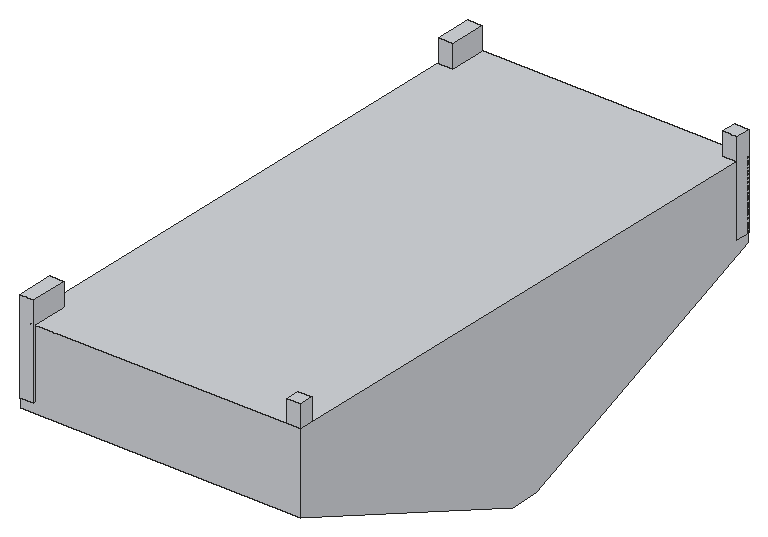
Revit family "НЕВАТОМ_Зонт вытяжной ZVO-1, Версия 2", category Воздухораспределители, Revit 2017
Family settings
  Размер круглого соединителя = Использовать диаметр
  Тип детали = Нормальный
  На основе рабочей плоскости = Нет
  Всегда вертикально = Да
  При загрузке вырезать с полостями = Нет
  Общий = Нет
  Точка расчета площади = Нет
Parameters (values of type "Зонт ZVO 1")
  ТП1 [instance] = "Зонт ZVO 1 1"
  ТП [instance] = "Зонт ZVO 1"
  d [instance] = 40 mm  # constant formula
  URL = "https://t.me/NEVATOM_Bim_bot"
  L [instance] = D врезки / 2  # 62.5 mm
  D врезки [instance] = 125 mm
  B-30 [instance] = B - 30 mm  # 570 mm
  ADSK_Размер_Ширина [instance] = B  # 600 mm
  ADSK_Размер_Длина [instance] = A  # 1200 mm
  ADSK_Размер_Высота [instance] = 514.5 mm  # constant formula
  ADSK_Наименование [instance] = "Островной вытяжной зонт"  # constant formula
  ADSK_Материал наименование = "Оцинкованная сталь"  # constant formula
  ADSK_Количество = 1  # constant formula
  A-30 [instance] = A - 30 mm  # 1170 mm
  A [instance] = 1200 mm
  B [instance] = 600 mm
  ADSK_Расход воздуха = 0.0 L/s
  ADSK_Примечание = ""
  ADSK_Потеря давления воздуха = 0.0 Pa
  ADSK_Позиция = ""
  ADSK_Масса [instance] = size_lookup("Зонт ZVO 1", "ADSK_Масса", 0, A, B)  # 24.64
  ADSK_Марка [instance] = size_lookup(ТП1, "", "Ошибка типоразмера", A, B)  # "ZVO–1 -1200х600"
  ADSK_Код изделия = ""
  ADSK_Завод-изготовитель = "НЕВАТОМ"  # constant formula
  ADSK_Единица измерения = "шт."  # constant formula
Reference planes
  plane 1 "По центру (Вперед/Назад)": y = 0
  plane 2: z = 0
  plane 3 "По центру (Влево/Вправо)": x = 0
  plane 4: y = 600
  plane 5: y = -600
  plane 6: x = -300
  plane 7: x = 300
  plane 8: y = 31.25
  plane 9: z = 514.5
  plane 10: z = 445
  plane 11: z = 45
  plane 12: z = 493
  plane 13: x = 285
  plane 14: x = -285
  plane 15: y = -585
  plane 16: y = 585
  plane 17: y = -31.25
  plane 18: z = 275
  plane 19: z = 295
  plane 20: y = -570
  plane 21: y = 570
  plane 22: y = -520
  plane 23: y = 520
Forms (mm)
  Extrusion 1, solid, not visible
    sketch origin (0, 0, 0) x (1, 0, 0) y (0, 1, 0)
      loop
        circle (0, 0) r 62.5
    from 445 to 514.5
  Extrusion 2, solid
    sketch origin (0, 0, 0) x (0, 1, 0) y (0, 0, 1)
      loop
        line (-31.25, 45) -> (31.25, 45) -> (600, 275) -> (600, 445) -> (-600, 445) -> (-600, 275) -> (-31.25, 45)
    from -300 to 300
  Extrusion 3, solid
    sketch origin (0, 0, 0) x (1, 0, 0) y (0, 1, 0)
      loop
        circle (0, 0) r 20
    from 0 to 45
  Extrusion 4, solid
    sketch origin (0, 0, 0) x (0, 1, 0) y (0, 0, 1)
      loop
        line (-600, 493) -> (-600, 295) -> (-570, 295) -> (-570, 493) -> (-600, 493)
      loop
        line (570, 493) -> (570, 295) -> (600, 295) -> (600, 493) -> (570, 493)
    from 270 to 300
  Extrusion 5, solid
    sketch origin (0, 0, 0) x (0, 1, 0) y (0, 0, -1)
      loop
        line (-600, -493) -> (-520, -493) -> (-520, -295) -> (-600, -295) -> (-600, -493)
      loop
        line (520, -493) -> (600, -493) -> (600, -295) -> (520, -295) -> (520, -493)
    from 270 to 300
Dimensions and locks
  plane 6 to plane 3 "По центру (Влево/Вправо)" = 300 mm
  plane 3 "По центру (Влево/Вправо)" to plane 7 = 300 mm
  equal spacing: plane 6, plane 3 "По центру (Влево/Вправо)", plane 7
  "B": plane 6 to plane 7
  equal spacing: plane 4, plane 1 "По центру (Вперед/Назад)", plane 5
  "A": plane 4 to plane 5
  "ADSK_Размер_Высота": plane 9 to level
  locked: plane 10 to plane 11 at 400
  locked: plane 12 to plane 11 at 448
  locked: plane 11 to level at 45
  equal spacing: plane 16, plane 1 "По центру (Вперед/Назад)", plane 15
  "A-30": plane 16 to plane 15
  equal spacing: plane 14, plane 3 "По центру (Влево/Вправо)", plane 13
  "B-30": plane 14 to plane 13
  equal spacing: plane 8, plane 1 "По центру (Вперед/Назад)", plane 17
  "L": plane 8 to plane 17
  locked: plane 10 to plane 18 at 170
  locked: plane 10 to plane 19 at 150
  "A-30": plane 20 to plane 4
  "A-30": plane 5 to plane 21
  "B-30": plane 7 to Extrusion 5
  "B-30": Extrusion 4 to plane 6
  "D врезки": diameter of Extrusion 1 sketch curve
  "d": diameter of Extrusion 3 sketch curve
  aligned and locked: level to plane 2
  aligned and locked: plane 9 to Extrusion 1
  aligned and locked: Extrusion 1 to plane 10
  aligned and locked: plane 10 to Extrusion 2 sketch curve  (x2)
  aligned and locked: Extrusion 2 sketch curve to plane 11
  aligned and locked: plane 17 to Extrusion 2 sketch curve
  aligned and locked: Extrusion 2 sketch curve to plane 5
  aligned and locked: plane 18 to Extrusion 2 sketch curve  (x2)
  aligned and locked: plane 8 to Extrusion 2 sketch curve
  aligned and locked: Extrusion 3 to level
  aligned and locked: plane 11 to Extrusion 3
  aligned and locked: Extrusion 4 sketch curve to plane 12  (x2)
  aligned and locked: Extrusion 4 sketch curve to plane 4
  aligned and locked: Extrusion 4 sketch curve to plane 21
  aligned and locked: plane 19 to Extrusion 4 sketch curve  (x2)
  aligned and locked: plane 5 to Extrusion 4 sketch curve
  aligned and locked: Extrusion 4 sketch curve to plane 20
  aligned and locked: plane 7 to Extrusion 2
  aligned and locked: Extrusion 2 to plane 6
  aligned and locked: plane 7 to Extrusion 4
  aligned and locked: plane 23 to Extrusion 5 sketch curve
  aligned and locked: Extrusion 5 sketch curve to plane 22
  aligned and locked: Extrusion 5 to plane 6
  aligned and locked: Extrusion 5 to plane 19
  aligned and locked: plane 12 to Extrusion 5
  aligned and locked: Extrusion 4 to plane 19
Automatic sketch dimensions
  Extrusion 2 sketch curve to plane 4 = 0 mm
  Extrusion 5 sketch curve to plane 5 = 0 mm
  Extrusion 5 sketch curve to plane 4 = 0 mm
  plane 12 to Extrusion 5 sketch curve = 0 mm
  Extrusion 5 sketch curve to plane 12 = 0 mm
  Extrusion 5 sketch curve to plane 19 = 0 mm  (x2)
  plane 1 "По центру (Вперед/Назад)" to Extrusion 1 sketch curve = 0 mm
  Extrusion 1 sketch curve to plane 3 "По центру (Влево/Вправо)" = 0 mm
  plane 1 "По центру (Вперед/Назад)" to Extrusion 3 sketch curve = 0 mm
  Extrusion 3 sketch curve to plane 3 "По центру (Влево/Вправо)" = 0 mm
Connectors
  hvac at (0, 0, 514.5), driven by "D врезки"
    settings: on Extrusion 1, index 2, duct flow 0.0 L/s, flow factor 0, pres drop 0.0 Pa, loss coef 0, conn angle 0.00°, conn width 304.8 mm, conn height 304.8 mm, conn diameter 125 mm, duct sys type 29, conn prof type 0, flow config 1, flow direction 0, loss method 0, conn ref index -1, conn util no, is conn primary yes, conn desc ""
